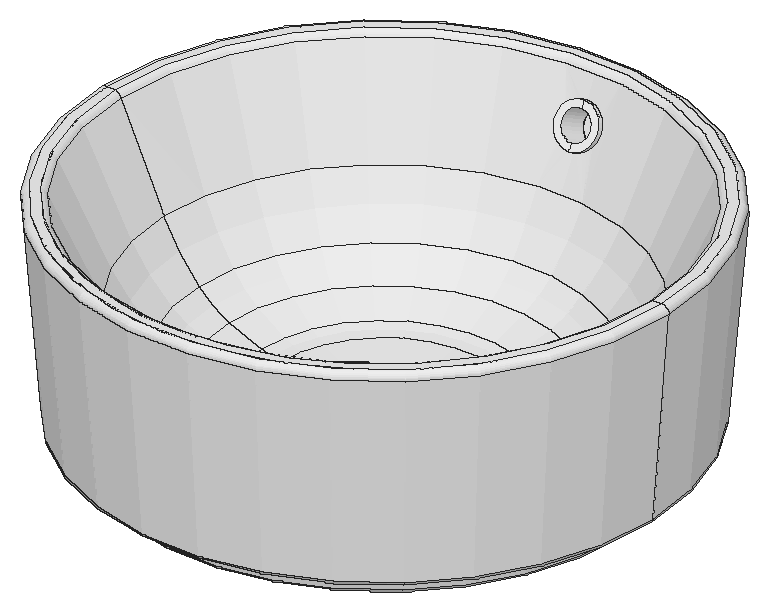
Revit family "Reece_Basin_American Standard_Cygnet_Above Counter Basin_400 mm_Round", category Plumbing Fixtures, host Face, Revit 2018
Family settings
  Host = Face
  Round Connector Dimension = Use Diameter
  Part Type = Normal
  Cut with Voids When Loaded = No
  Shared = Yes
  Room Calculation Point = Yes
Parameters
  WFU = 0  # constant formula
  URL = "https://www.reece.com.au/product/-9506461"
  Type Comments = "Basin"
  Reece_Product_Web Page = "https://www.reece.com.au/product/-9506461"
  Reece_Product_Type = "Basin"  # constant formula
  Reece_Product_Sub Brand = "Cygnet"  # constant formula
  Reece_Product_Number = "9506461"
  Reece_Product_Mount = "Above Counter"
  Reece_Product_Description = "American Standard Cygnet Vessel Basin No Taphole White"
  Reece_Product_Brand = "American Standard"  # constant formula
  Reece_Overall_Width = 400 mm  # constant formula
  Reece_Overall_Height = 155 mm  # constant formula
  Reece_Overall_Capacity = 4.00 L  # constant formula
  Reece_Material_Secondary = Reece_Brass_Chrome
  Reece_Material-Main = Reece_Vitreous China_White
  Reece_Detail_Shape = "Round"  # constant formula
  Reece_Detail_Installation = "Above Counter Basin"  # constant formula
  Reece_Detail_Disclaimer = "THIS FILE IS THE PROPERTY OF THE REECE GROUP. IT MAY NOT BE REPRODUCED, REVERSE-ENGINEERED OR MODIFIED. ANY REPUBLICATION, TRANSMISSION OR DISTRIBUTION FOR THE PURPOSE OF COMMERCIALLY EXPLOITING THE FILES IS PROHIBITED."  # constant formula
  Reece_Detail_Connector = "No Taphole"  # constant formula
  Reece_Detail_Additional = "Overflow"  # constant formula
  Reece_Cabinet_Depth = 400 mm  # constant formula
  Reece_Basin_Outlet = 40 mm  # constant formula
  Model = "Cygnet"
  Manufacturer = "American Standard"
  Keynote = "Product #9506461, Reece_Basin_American Standard_Cygnet_Above Counter Basin_400 mm_Round -  "
  HWFU = 0  # constant formula
  Disclaimer = "THIS FILE IS THE PROPERTY OF THE REECE GROUP. IT MAY NOT BE REPRODUCED, REVERSE-ENGINEERED OR MODIFIED. ANY REPUBLICATION, TRANSMISSION OR DISTRIBUTION FOR THE PURPOSE OF COMMERCIALLY EXPLOITING THE FILES IS PROHIBITED."  # constant formula
  Description = "American Standard Cygnet Vessel Basin No Taphole White"
  Default Elevation = 0 mm
  CWFU = 0  # constant formula
Types (2, lengths in mm): name | Keynote
  (no name) | "Product #9506461, Reece_Basin_American Standard_Cygnet_Above Counter Basin_400 mm_Round -  "
  No Taphole_Vitreous China_White | "Product #9506461, Reece_Basin_American Standard_Cygnet_Above Counter Basin_400 mm_Round - No Taphole_Vitreous China_White"
Reference planes
  plane 1 "Center (Front/Back)": y = -79.125
  plane 2 "Bottom": z = 0
  plane 3 "Center (Left/Right)": x = 0
  plane 4 "Top of Basin": z = 140
  plane 5: y = 120.875
  plane 6: x = 200
  plane 7: x = -200
  plane 8: y = -279.125
  plane 9: z = 140
  plane 10: z = -15
  plane 11: z = -43
  plane 12 "Bottom of Basin": z = -15
  plane 13: x = -188.5
  plane 14: x = 188.5
  plane 15: x = 170
  plane 16: x = -170
  plane 17: z = 140
  plane 18: z = -15
  plane 19: z = -43
Forms (mm)
  Revolve 1, solid, material "Reece_Vitreous China_White" <- "Reece_Material-Main"
    sketch origin (0, -79.125, -15) x (1, 0, 0) y (0, 0, 1)
      loop
        arc (171.928, 10.214) -> (173.856, 13.422) -> (177.249, 15) r 6.393
        line (177.249, 15) -> (186.315, 15)
        arc (186.315, 15) -> (187.79, 15.491) -> (188.5, 16.875) r 2.056
        line (188.5, 16.875) -> (199.995, 149.942)
        arc (199.995, 149.942) -> (198.787, 153.491) -> (195.355, 155) r 4.657
        line (195.355, 155) -> (189, 155)
        arc (189, 155) -> (186.594, 153.469) -> (184.987, 151.114) r 7.089
        arc (184.987, 151.114) -> (170.761, 118.892) -> (155.302, 87.244) r 911.756
        arc (155.302, 87.244) -> (144.094, 68.685) -> (130.42, 51.86) r 155.915
        arc (130.42, 51.86) -> (120.576, 43.211) -> (109.237, 36.644) r 67.014
        arc (109.237, 36.644) -> (97.879, 31.866) -> (86.264, 27.753) r 213.2
        arc (86.264, 27.753) -> (79.204, 25.971) -> (71.974, 25.107) r 56.77
        arc (71.974, 25.107) -> (53.902, 23.81) -> (35.883, 21.905) r 537.598
        arc (35.883, 21.905) -> (34.301, 21.437) -> (32.957, 20.478) r 5
        line (32.957, 20.478) -> (23.964, 11.485)
        arc (23.964, 11.485) -> (22.881, 9.863) -> (22.5, 7.95) r 5
        line (22.5, 7.95) -> (22.5, -28) -> (32.5, -28)
        arc (32.5, -28) -> (34.222, -27.287) -> (34.936, -25.564) r 2.436
        line (34.936, -25.564) -> (34.936, -21.534)
        arc (34.936, -21.534) -> (35.697, -19.469) -> (37.617, -18.392) r 3.182
        line (37.617, -18.392) -> (104.136, 0) -> (167.698, 0)
        arc (167.698, 0) -> (169.024, 0.457) -> (169.788, 1.633) r 2.154
        line (169.788, 1.633) -> (171.928, 10.214)
      axis (0, -28) -> (0, 155)
    angle from 0 to 360
  Revolve 2, solid, material "Reece_Brass_Chrome" <- "Reece_Material_Secondary"
    sketch origin (0, -79.125, 0) x (1, 0, 0) y (0, 0, 1)
      loop
        line (15.952, 7.005) -> (15.952, 8.255) -> (18.5, 8.255) -> (18.5, 9.505)
        arc (18.5, 9.505) -> (9.334, 11.377) -> (0, 12.005) r 69.7
        line (0, 12.005) -> (0, 5.005) -> (0, -43) -> (20.31, -43) -> (20.31, 5.005) -> (31.5, 5.005) -> (31.5, 7.005) -> (15.952, 7.005)
      axis (0, -43) -> (0, 12.005)
    angle from 0 to 360
  Revolve 3, solid, material "Reece_Brass_Chrome" <- "Reece_Material_Secondary"
    sketch origin (0, 5.676, -5.021) x (0, 0.99863, 0.052336) y (0, -0.052336, 0.99863)
      loop
        line (97.858, 118.398) -> (99.858, 121.863) -> (97.26, 123.363) -> (94.76, 119.032) -> (113.103, 108.442) -> (113.603, 109.308) -> (97.858, 118.398)
      axis (108.103, 99.782) -> (89.76, 110.372)
    angle from 0 to 360
  Revolve 4, void
    sketch origin (0, 5.676, -5.021) x (0, 0.99863, 0.052336) y (0, -0.052336, 0.99863)
      loop
        line (109.847, 98.775) -> (115.347, 108.301) -> (93.088, 121.152) -> (87.588, 111.626) -> (109.847, 98.775)
      axis (109.847, 98.775) -> (87.588, 111.626)
    angle from 0 to 360
  Revolve 5, void
    sketch origin (0, -79.125, -15) x (1, 0, 0) y (0, 0, 1)
      loop
        arc (171.928, 10.214) -> (173.856, 13.422) -> (177.249, 15) r 6.393
        line (177.249, 15) -> (0, 15) -> (0, -105) -> (41.186, -105) -> (41.186, -21.534)
        arc (41.186, -21.534) -> (41.947, -19.469) -> (43.867, -18.392) r 3.182
        line (43.867, -18.392) -> (104.136, 0) -> (167.698, 0)
        arc (167.698, 0) -> (169.024, 0.457) -> (169.788, 1.633) r 2.154
        line (169.788, 1.633) -> (171.928, 10.214)
      axis (0, -105) -> (0, 15)
    angle from 0 to 360
Cuts and joins
  Revolve 4 cuts Revolve 1
Text (mm)
  text "Reece Copyright © 2018, Reece Ltd." at (-944.971, -486.688, 0), in view "Ref. Level"
  text "Reece ©" at (44.384, 258.95, 192.345), in view "Reece Preview"
Dimensions and locks
  equal spacing: plane 7, plane 3 "Center (Left/Right)", plane 6
  "Reece_Overall_Width": plane 7 to plane 6
  "Reece_Cabinet_Depth": plane 5 to plane 8
  equal spacing: plane 5, plane 1 "Center (Front/Back)", plane 8
  "Reece_Overall_Height": plane 12 "Bottom of Basin" to plane 4 "Top of Basin"
  plane 7 to plane 6 = 400 mm
  plane 4 "Top of Basin" to host face = 140 mm  (x2)
  plane 4 "Top of Basin" to cut or joined group of Revolve 1, Revolve 4 = 183 mm
  plane 6 to plane 7 = 400 mm
  cut or joined group of Revolve 1, Revolve 4 to cut or joined group of Revolve 1, Revolve 4 = 378 mm
  host face to plane 4 "Top of Basin" = 140 mm
  cut or joined group of Revolve 1, Revolve 4 to cut or joined group of Revolve 1, Revolve 4 = 183 mm
  plane 14 to plane 13 = 377 mm  (x2)
  plane 15 to plane 16 = 340 mm  (x2)
  plane 4 "Top of Basin" to plane 12 "Bottom of Basin" = 155 mm  (x2)
  plane 8 to plane 5 = 400 mm
  plane 4 "Top of Basin" to level = 140 mm
  plane 5 to plane 8 = 400 mm
  aligned and locked: host face to plane 2 "Bottom"
  aligned and locked: host face to level
Automatic sketch dimensions
  host sketch curve to host sketch curve = 801.051 mm
  host sketch curve to host sketch curve = 660.299 mm
  Revolve 4 sketch curve to plane 5 = 33.573 mm
  Revolve 4 sketch curve to plane 4 "Top of Basin" = 28.964 mm
  Revolve 4 sketch curve to Revolve 4 sketch curve = 5.5 mm
  Revolve 4 sketch curve to Revolve 4 sketch curve = 22.259 mm
  Revolve 4 sketch curve to Revolve 4 sketch curve = 3.325 mm
  Revolve 4 sketch curve to Revolve 4 sketch curve = 4.047 mm
  Revolve 4 sketch curve to Revolve 4 sketch curve = 2.882 mm
  Revolve 4 sketch curve to Revolve 4 sketch curve = 2.337 mm
  Revolve 4 sketch curve to Revolve 4 sketch curve = 1.664 mm
  Revolve 3 sketch curve to Revolve 3 sketch curve = 2 mm
  Revolve 3 sketch curve to Revolve 3 sketch curve = 15.744 mm
  Revolve 3 sketch curve to Revolve 3 sketch curve = 3.125 mm
  Revolve 3 sketch curve to Revolve 3 sketch curve = 6.137 mm
  Revolve 3 sketch curve to Revolve 3 sketch curve = 0.5 mm
  Revolve 3 sketch curve to Revolve 3 sketch curve = 8.004 mm
  Revolve 3 sketch curve to plane 4 "Top of Basin" = 21.193 mm
  Revolve 3 sketch curve to plane 5 = 26.798 mm
  Revolve 3 sketch curve to Revolve 3 sketch curve = 3.098 mm
  Revolve 3 sketch curve to Revolve 3 sketch curve = 0.634 mm
  Revolve 3 sketch curve to Revolve 3 sketch curve = 9.743 mm
  Revolve 2 sketch curve to plane 3 "Center (Left/Right)" = 0 mm  (x2)
  plane 3 "Center (Left/Right)" to Revolve 2 sketch curve = 20.31 mm
  level to Revolve 2 sketch curve = 7.005 mm
  plane 3 "Center (Left/Right)" to Revolve 2 sketch curve = 15.952 mm
  Revolve 2 sketch curve to Revolve 2 sketch curve = 2.548 mm
  Revolve 2 sketch curve to Revolve 2 sketch curve = 11.19 mm
  level to Revolve 2 sketch curve = 5.005 mm
  Revolve 2 sketch curve to level = 43 mm
  Revolve 2 sketch curve to Revolve 2 sketch curve = 14.695 mm
  Revolve 2 sketch curve to Revolve 2 sketch curve = 1.25 mm  (x2)
  Revolve 2 sketch curve to Revolve 2 sketch curve = 0 mm
  Revolve 2 sketch curve to Revolve 2 sketch curve = 13 mm
  Revolve 2 sketch curve to Revolve 2 sketch curve = 2 mm
  Revolve 1 sketch curve to plane 3 "Center (Left/Right)" = 0 mm
  Revolve 1 sketch curve to plane 11 = 0 mm
  Revolve 1 sketch curve to plane 10 = 0 mm
  Revolve 1 sketch curve to level = 0 mm
  Revolve 1 sketch curve to plane 4 "Top of Basin" = 0 mm
  plane 4 "Top of Basin" to Revolve 1 sketch curve = 3.37 mm
  plane 3 "Center (Left/Right)" to Revolve 1 sketch curve = 16.555 mm
  plane 3 "Center (Left/Right)" to Revolve 1 sketch curve = 20.929 mm
  plane 3 "Center (Left/Right)" to Revolve 1 sketch curve = 22.5 mm
  Revolve 1 sketch curve to level = 3.515 mm
  Revolve 1 sketch curve to Revolve 1 sketch curve = 1.464 mm
  Revolve 1 sketch curve to Revolve 1 sketch curve = 5 mm
  Revolve 1 sketch curve to Revolve 1 sketch curve = 10 mm
  level to Revolve 1 sketch curve = 5.478 mm
  Revolve 1 sketch curve to Revolve 1 sketch curve = 8.993 mm
  Revolve 1 sketch curve to Revolve 1 sketch curve = 2.436 mm
  level to Revolve 1 sketch curve = 1.943 mm
  Revolve 1 sketch curve to Revolve 1 sketch curve = 3.536 mm
  plane 11 to Revolve 1 sketch curve = 9.608 mm
  Revolve 1 sketch curve to Revolve 1 sketch curve = 2.682 mm
  Revolve 1 sketch curve to Revolve 1 sketch curve = 0.5 mm
  plane 3 "Center (Left/Right)" to Revolve 1 sketch curve = 68.867 mm
  Revolve 1 sketch curve to Revolve 1 sketch curve = 12.613 mm
  Revolve 1 sketch curve to plane 6 = 98.6 mm
  Revolve 1 sketch curve to Revolve 1 sketch curve = 66.519 mm
  plane 10 to Revolve 1 sketch curve = 2.154 mm
  Revolve 1 sketch curve to plane 6 = 32.302 mm
  plane 10 to Revolve 1 sketch curve = 1.633 mm
  Revolve 1 sketch curve to level = 4.786 mm
  Revolve 1 sketch curve to Revolve 1 sketch curve = 2.139 mm
  Revolve 1 sketch curve to Revolve 1 sketch curve = 5.322 mm
  Revolve 1 sketch curve to level = 6.332 mm
  Revolve 1 sketch curve to Revolve 1 sketch curve = 9.066 mm
  Revolve 1 sketch curve to Revolve 1 sketch curve = 0.136 mm
  level to Revolve 1 sketch curve = 1.875 mm
  Revolve 1 sketch curve to Revolve 1 sketch curve = 2.049 mm
  Revolve 1 sketch curve to plane 6 = 11 mm
  Revolve 1 sketch curve to Revolve 1 sketch curve = 2.526 mm
  Revolve 1 sketch curve to plane 6 = 4.645 mm
  Revolve 1 sketch curve to plane 6 = 0.005 mm
  level to Revolve 1 sketch curve = 66.792 mm
  Revolve 1 sketch curve to Revolve 1 sketch curve = 15.847 mm
  Revolve 1 sketch curve to plane 4 "Top of Basin" = 6.624 mm
  Revolve 1 sketch curve to plane 4 "Top of Basin" = 5.058 mm
  Revolve 1 sketch curve to Revolve 1 sketch curve = 72.326 mm
  plane 4 "Top of Basin" to Revolve 1 sketch curve = 348.174 mm
  Revolve 1 sketch curve to Revolve 1 sketch curve = 0 mm  (x7)
  Revolve 1 sketch curve to plane 4 "Top of Basin" = 3.886 mm
  Revolve 1 sketch curve to plane 11 = 16.915 mm
  Revolve 1 sketch curve to Revolve 1 sketch curve = 20.611 mm
  Revolve 5 sketch curve to plane 3 "Center (Left/Right)" = 0 mm
  Revolve 5 sketch curve to plane 19 = 77 mm
  Revolve 5 sketch curve to plane 12 "Bottom of Basin" = 0 mm
  Revolve 5 sketch curve to level = 0 mm
  plane 3 "Center (Left/Right)" to Revolve 5 sketch curve = 0 mm
  Revolve 5 sketch curve to Revolve 5 sketch curve = 41.186 mm
  plane 19 to Revolve 5 sketch curve = 9.608 mm
  Revolve 5 sketch curve to Revolve 5 sketch curve = 2.682 mm
  Revolve 5 sketch curve to Revolve 5 sketch curve = 3.182 mm
  Revolve 5 sketch curve to plane 15 = 65.864 mm
  Revolve 5 sketch curve to plane 15 = 2.302 mm
  Revolve 5 sketch curve to plane 15 = 0.212 mm
  plane 15 to Revolve 5 sketch curve = 1.928 mm
  Revolve 5 sketch curve to Revolve 5 sketch curve = 0.881 mm
  plane 12 "Bottom of Basin" to Revolve 5 sketch curve = 1.633 mm
  Revolve 5 sketch curve to level = 6.332 mm
  Revolve 5 sketch curve to plane 19 = 16.915 mm
  Revolve 5 sketch curve to Revolve 5 sketch curve = 5.322 mm
  plane 4 "Top of Basin" to Revolve 5 sketch curve = 55.085 mm
Connectors
  piping at (0, -79.125, -43), diameter 40, driven by "Reece_Basin_Outlet"
    settings: on cut or joined group of Revolve 1, Revolve 4, index 1, connector inside diameter 609.6 mm, connector length 0 mm, flow factor 0, pipe flow 0.0 L/s, pressure drop 0.0 Pa, fitting loss kfactor 0, connector angle 0.00°, fixture units 0, engagement length 0 mm, angle of deflection 0.00°, flow configuration 0, flow direction 2, fitting loss method 0, system type 16, joint type 0, gender type 0, connector reference index -1, connector utility 0, adjustable connector no, is connector primary yes, connector description ""
